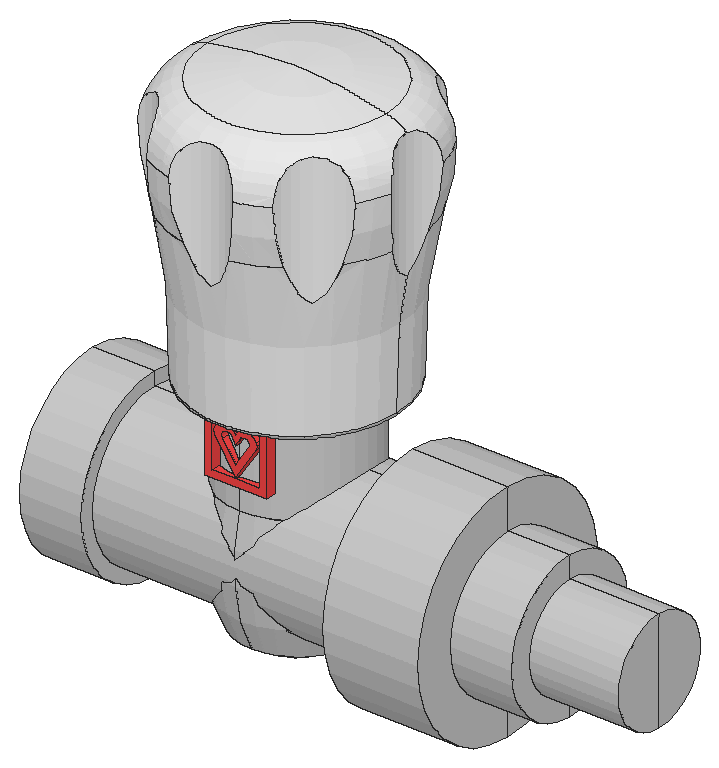
Revit family "Запорно-регулирующий радиаторный клапан GP, проходной 5523", category Rohrzubehör, Revit 2019
Family settings
  Bemaßung runder Anschluss = Durchmesser verwenden
  Teiletyp = Unterbricht
  OmniClass-Nummer = 23.65.55.14
  OmniClass-Titel = Valves for Liquid Services
  Arbeitsebenenbasiert = Nein
  Immer vertikal = Ja
  Beim Laden mit Abzugskörper schneiden = Nein
  Gemeinsam genutzt = Nein
Parameters
  Среда = "Качество воды в соответствии с ÖNORM H 5195 или директивой VDI 2035."
  Область применения = "Системы водяного отопления, в которых требуется точное ручное гидравлическое регулирование подачи воды к отопительным приборам. Рекомендуется также для монтажа в системах холодоснабжения, для точного ручного регулирования регистров охлаждения."
  Номер заказа [instance] = size_lookup("5523_", "Artnr", 0, Nennweite)  # 1552321
  Маховик = "Пластик, белый"  # constant formula
  Макс. рабочее давление = 1000000.0 Pa  # constant formula
  Макс. рабочая температура = 120 °C  # constant formula
  Корпус = "Никелированная латунь"  # constant formula
  Исполнение = "Универсальные модели со специальной муфтой для резьбовой трубы и компрессионных фитингов, никелированные."
  W01 = 60.00°  # constant formula
  URL = "www.herz-armaturen.ru"
  SCRNSEQ = "ARM;ARM_TYP=\"ALLF\";2"
  SCRNCODE = "05;00;02"  # constant formula
  S04 = 45.000 mm  # constant formula
  S03 = 61.000 mm  # constant formula
  S02 [instance] = L05 + L06 + L07  # 53.300 mm
  S01 = 10.000 mm  # constant formula
  R05 = 25.000 mm  # constant formula
  R04 = 2.000 mm  # constant formula
  R03 = 28.000 mm  # constant formula
  R02 = 11.500 mm  # constant formula
  R01 = 10.500 mm  # constant formula
  Nennweite [instance] = 15.000 mm
  LO1 = 10.500 mm  # constant formula
  L07 [instance] = size_lookup("5523_", "L7", 1.000 mm, Nennweite)  # 22.300 mm
  L06 [instance] = size_lookup("5523_", "L6", 1.000 mm, Nennweite)  # 14.000 mm
  L05 [instance] = L02 - L04  # 17.000 mm
  L04 [instance] = size_lookup("5523_", "L4", 1.000 mm, Nennweite)  # 8.000 mm
  L03 [instance] = size_lookup("5523_", "L3", 1.000 mm, Nennweite)  # 9.000 mm
  L02 [instance] = size_lookup("5523_", "L2", 1.000 mm, Nennweite)  # 25.000 mm
  L01 [instance] = size_lookup("5523_", "L1", 1.000 mm, Nennweite)  # 30.000 mm
  Hersteller = "HERZ Armaturen Ges.m.b.H."  # constant formula
  H02 = 25.500 mm  # constant formula
  H01 = 17.000 mm  # constant formula
  GTI [instance] = size_lookup("5523_", "GT1", 1.000 mm, Nennweite)  # 13.200 mm
  GT [instance] = size_lookup("5523_", "GT", 1.000 mm, Nennweite)  # 9.500 mm
  G2 [instance] = Nennweite / 2  # 7.500 mm
  G1 [instance] = Nennweite / 2  # 7.500 mm
  D05 [instance] = size_lookup("5523_", "D5", 1.000 mm, Nennweite)  # 10.650 mm
  D04 [instance] = size_lookup("5523_", "D4", 1.000 mm, Nennweite)  # 16.500 mm
  D03 [instance] = size_lookup("5523_", "D3", 1.000 mm, Nennweite)  # 9.525 mm
  D02 [instance] = size_lookup("5523_", "D2", 1.000 mm, Nennweite)  # 11.500 mm
  D01 [instance] = size_lookup("5523_", "D1", 1.000 mm, Nennweite)  # 13.500 mm
Reference planes
  plane 1 "Mitte (Vorne/hinten)": y = 0
  plane 2: z = 0
  plane 3 "Mitte (Links/rechts)": x = 0
Forms (mm)
  Revolve 1, solid, material "Messing, weicher Gelbton, geschweißt", detail levels fine
    sketch origin (0, 0, 0) x (1, 0, 0) y (0, 0, 1)
      loop
        line (-20.5, 0) -> (25, 0) -> (25, 9.525) -> (17, 9.525) -> (17, 11.5) -> (-21, 11.5) -> (-21, 13.5) -> (-30, 13.5) -> (-30, 7.5) -> (-20.5, 7.5) -> (-20.5, 0)
      axis (-30, 0) -> (25, 0)
    angle from 0 to 360
  Revolve 2, solid, material "Messing, weicher Gelbton, geschweißt", detail levels fine
    sketch origin (0, 0, 0) x (0, 1, 0) y (0, 0, 1)
      loop
        line (0, 25.5) -> (-10.5, 25.5) -> (-10.5, 7)
        arc (-10.5, 7) -> (-11.341, -2.816) -> (-8.325, -12.194) r 25
        line (-8.325, -12.194) -> (0, -17) -> (0, 25.5)
      axis (0, -17) -> (0, 25.5)
    angle from 0 to 360
  Revolve 3, solid, material "Messing, weicher Gelbton, geschweißt", detail levels fine
    sketch origin (0, 0, 0) x (1, 0, 0) y (0, 0, 1)
      loop
        line (25, 0) -> (53.3, 0) -> (53.3, 7.5) -> (40.1, 7.5) -> (40.1, 10.65) -> (31, 10.65) -> (31, 16.5) -> (17, 16.5) -> (17, 9.525) -> (25, 9.525) -> (25, 0)
      axis (17, 0) -> (53.3, 0)
    angle from 0 to 360
Lines and regions (mm)
  model lines, detail levels coarse+medium
    curve 1: line (-30, 0, 13.5) -> (-30, 0, -13.5)
    curve 2: line (-30, 0, -13.5) -> (30, 0, 13.5)
    curve 3: line (30, 0, 13.5) -> (30, 0, -13.5)
    curve 4: line (30, 0, -13.5) -> (-30, 0, 13.5)
    curve 5: line (30, 0, 13.5) -> (40, 0, 13.5)
    curve 6: line (40, 0, 13.5) -> (30, 0, 0)
    curve 7: line (30, 0, -13.5) -> (40, 0, -13.5)
    curve 8: line (40, 0, -13.5) -> (30, 0, 0)
    curve 9: line (30, 0, 0) -> (53.3, 0, 0)
    curve 10: line (0, 0, 0) -> (0, 0, 61)
    curve 11: line (-22.5, 0, 61) -> (22.5, 0, 61)
    curve 12: line (-30, 13.5, 0) -> (-30, -13.5, 0)
    curve 13: line (-30, -13.5, 0) -> (30, 13.5, 0)
    curve 14: line (30, 13.5, 0) -> (30, -13.5, 0)
    curve 15: line (30, -13.5, 0) -> (-30, 13.5, 0)
    curve 16: line (0, 0, 0) -> (0, 61, 0)
    curve 17: line (-22.5, 61, 0) -> (22.5, 61, 0)
    curve 18: line (30, 13.5, 0) -> (40, 13.5, 0)
    curve 19: line (40, 13.5, 0) -> (30, 0, 0)
    curve 20: line (30, -13.5, 0) -> (40, -13.5, 0)
    curve 21: line (40, -13.5, 0) -> (30, 0, 0)
Dimensions and locks
  "L01": Revolve 1 sketch curve to plane 3 "Mitte (Links/rechts)"
  "L02": Revolve 1 sketch curve to plane 3 "Mitte (Links/rechts)"
  "G1": Revolve 1 sketch curve to plane 2
  "GT": Revolve 1 sketch curve to Revolve 1 sketch curve
  "D01": Revolve 1 sketch curve to Revolve 1 sketch curve
  "D02": Revolve 1 sketch curve to Revolve 1 sketch curve
  "D03": Revolve 1 sketch curve to Revolve 1 sketch curve
  "L03": Revolve 1 sketch curve to Revolve 1 sketch curve
  "L04": Revolve 1 sketch curve to Revolve 1 sketch curve
  "H01": plane 2 to Revolve 2 sketch curve
  "H02": Revolve 2 sketch curve to plane 2
  "R01": Revolve 2 sketch curve to plane 1 "Mitte (Vorne/hinten)"
  "R02": Revolve 2 sketch curve to plane 1 "Mitte (Vorne/hinten)"
  "D03": Revolve 3 sketch curve to plane 2
  "L04": Revolve 3 sketch curve to Revolve 3 sketch curve
  "L05": Revolve 3 sketch curve to plane 3 "Mitte (Links/rechts)"
  "L06": Revolve 3 sketch curve to Revolve 3 sketch curve
  "L07": Revolve 3 sketch curve to Revolve 3 sketch curve
  "D04": Revolve 3 sketch curve to Revolve 3 sketch curve
  "G2": Revolve 3 sketch curve to Revolve 3 sketch curve
  "D05": Revolve 3 sketch curve to Revolve 3 sketch curve
  "GTI": Revolve 3 sketch curve to Revolve 3 sketch curve
  "LO1": nested 2 to plane 2
  "LO1": nested 1 to nested 2
  "D01": curve 4 to plane 2 to curve 2
  "D01": curve 3 to plane 2 to curve 4
  "L01": curve 1 to plane 3 "Mitte (Links/rechts)" to curve 3
  "S01": curve 3 to curve 6
  "S02": curve 9 to plane 3 "Mitte (Links/rechts)"
  "S03": curve 10 to plane 2
  equal spacing: curve 11, curve 10, curve 11
  "S04": curve 11 to curve 11
  "L01": curve 12 to plane 3 "Mitte (Links/rechts)" to curve 14
  "D01": curve 13 to plane 1 "Mitte (Vorne/hinten)" to curve 15
  "D01": curve 15 to plane 1 "Mitte (Vorne/hinten)" to curve 14
  "S03": plane 1 "Mitte (Vorne/hinten)" to curve 16
  equal spacing: curve 17, plane 3 "Mitte (Links/rechts)", curve 17
  "S04": curve 17 to curve 17
  "S01": curve 14 to curve 19
  "S01": curve 14 to curve 21
  "R05": radius of Revolve 2 sketch curve
  "W01": angle Revolve 2 sketch curve to Revolve 2 sketch curve
  aligned and locked: level to plane 2
Automatic sketch dimensions
  curve 10 to level = 0.000 mm
  curve 9 to level = 0.000 mm
  curve 3 to curve 7 = 10.000 mm
  curve 16 to plane 3 "Mitte (Links/rechts)" = 0.000 mm
  plane 1 "Mitte (Vorne/hinten)" to curve 19 = 0.000 mm
  Revolve 1 sketch curve to level = 0.000 mm  (x2)
  Revolve 1 sketch curve to Revolve 1 sketch curve = 1436.530 mm
  Revolve 1 sketch curve to Revolve 1 sketch curve = 1779.148 mm
  Revolve 2 sketch curve to plane 1 "Mitte (Vorne/hinten)" = 0.000 mm  (x2)
  Revolve 2 sketch curve to level = 0.000 mm
  Revolve 2 sketch curve to Revolve 2 sketch curve = 98.333 mm
  Revolve 2 sketch curve to Revolve 2 sketch curve = 1236.335 mm
  Revolve 3 sketch curve to level = 0.000 mm  (x2)
  Revolve 3 sketch curve to plane 3 "Mitte (Links/rechts)" = 1506.530 mm
  Revolve 3 sketch curve to Revolve 3 sketch curve = 1789.648 mm
Nested families
  nested 1: "Handrad-Heizkörperventile" at (0, 0, 20), type "Handrad-Heizkörperventile", detail levels fine
  nested 2: "Herz-Logo-vorne" at (0, -10.5, 15) x (0, 1, 0) z (0, 0, 1), type "Herz-Logo-vorne", detail levels fine
Connectors
  piping at (-20.5, 0, 0), diameter 15, driven by "Nennweite"
    settings: on Revolve 1, index 1, connector inside diameter 609.6 mm, connector length 0.000 mm, flow factor 0, pipe flow 0.0 L/s, pressure drop 0.0 Pa, fitting loss kfactor 0, connector angle 0.00°, fixture units 0, engagement length 0.000 mm, angle of deflection 0.00°, flow configuration 0, flow direction 1, fitting loss method 0, system type 7, joint type 0, gender type 0, connector reference index -1, connector utility 0, adjustable connector no, is connector primary yes, connector description ""
  piping at (53.3, 0, 0), diameter 15, driven by "Nennweite"
    settings: on Revolve 3, index 2, connector inside diameter 609.6 mm, connector length 0.000 mm, flow factor 0, pipe flow 0.0 L/s, pressure drop 0.0 Pa, fitting loss kfactor 0, connector angle 0.00°, fixture units 0, engagement length 0.000 mm, angle of deflection 0.00°, flow configuration 0, flow direction 2, fitting loss method 0, system type 7, joint type 0, gender type 0, connector reference index -1, connector utility 0, adjustable connector no, is connector primary no, connector description ""
Definition of nested family "Handrad-Heizkörperventile"
  Parameters (values of type "Handrad-Heizkörperventile")
    T01 = 5.500 mm  # constant formula
    R01 = 10.500 mm  # constant formula
  Reference planes
    plane 1 "Mitte (Vorne/hinten)": y = 0
    plane 2: z = 0
    plane 3 "Mitte (Links/rechts)": x = 0
  Forms (mm)
    Revolve 1, solid, detail levels fine
      sketch origin (0, 0, 0) x (1, 0, 0) y (0, 0, 1)
        loop
          line (10.5, 0) -> (14.25, 0)
          arc (14.25, 0) -> (14.604, 0.146) -> (14.75, 0.5) r 0.5
          arc (14.75, 0.5) -> (15.098, 12.356) -> (17.195, 24.03) r 80
          arc (17.195, 24.03) -> (18.172, 28.281) -> (18.5, 32.63) r 29
          arc (18.5, 32.63) -> (17.011, 36.946) -> (13.177, 39.426) r 7
          arc (13.177, 39.426) -> (6.637, 40.626) -> (0, 41.028) r 55
          line (0, 41.028) -> (0, 5.5) -> (10.5, 5.5) -> (10.5, 0)
        axis (0, 41.028) -> (0, 0)
      angle from 0 to 360
    Extrusion 2, void
      sketch origin (0, 0, 0) x (1, 0, 0) y (0, 1, 0)
        loop
          arc (-16.011, 9.268) -> (-11.314, 11.314) -> (-9.268, 16.011) r 7
          arc (-9.268, 16.011) -> (-13.081, 13.081) -> (-16.011, 9.268) r 18.5
        loop
          arc (16.011, 9.268) -> (13.081, 13.081) -> (9.268, 16.011) r 18.5
          arc (9.268, 16.011) -> (11.314, 11.314) -> (16.011, 9.268) r 7
        loop
          arc (-16.011, -9.268) -> (-13.081, -13.081) -> (-9.268, -16.011) r 18.5
          arc (-9.268, -16.011) -> (-11.314, -11.314) -> (-16.011, -9.268) r 7
        loop
          arc (16.011, -9.268) -> (11.314, -11.314) -> (9.268, -16.011) r 7
          arc (9.268, -16.011) -> (13.081, -13.081) -> (16.011, -9.268) r 18.5
        loop
          arc (17.953, 4.58) -> (16.078, -0.188) -> (17.953, -4.956) r 7
          arc (17.953, -4.956) -> (18.578, -0.188) -> (17.953, 4.58) r 18.5
        loop
          arc (-17.953, 4.58) -> (-18.578, -0.188) -> (-17.953, -4.956) r 18.5
          arc (-17.953, -4.956) -> (-16.078, -0.188) -> (-17.953, 4.58) r 7
        loop
          arc (-4.58, 17.953) -> (0.188, 16.078) -> (4.956, 17.953) r 7
          arc (4.956, 17.953) -> (0.188, 18.578) -> (-4.58, 17.953) r 18.5
        loop
          arc (-4.58, -17.953) -> (0.188, -18.578) -> (4.956, -17.953) r 18.5
          arc (4.956, -17.953) -> (0.188, -16.078) -> (-4.58, -17.953) r 7
      from 15.609 to 43.011
  Cuts and joins
    Extrusion 2 cuts Revolve 1
  Dimensions and locks
    "R01": Revolve 1 sketch curve to Revolve 1 sketch curve
    Revolve 1 sketch curve to plane 3 "Mitte (Links/rechts)" = 14.750 mm
    "T01": Revolve 1 sketch curve to Revolve 1 sketch curve
    aligned and locked: level to plane 2
  Automatic sketch dimensions
    Extrusion 2 sketch curve to Extrusion 2 sketch curve = 0.000 mm  (x14)
    plane 1 "Mitte (Vorne/hinten)" to Extrusion 2 sketch curve = 0.000 mm
    Extrusion 2 sketch curve to plane 3 "Mitte (Links/rechts)" = 0.000 mm
    Extrusion 2 sketch curve to plane 3 "Mitte (Links/rechts)" = 0.078 mm
    Extrusion 2 sketch curve to plane 3 "Mitte (Links/rechts)" = 16.263 mm  (x2)
    plane 1 "Mitte (Vorne/hinten)" to Extrusion 2 sketch curve = 0.188 mm  (x2)
    Extrusion 2 sketch curve to Extrusion 2 sketch curve = 6.815 mm  (x4)
    plane 3 "Mitte (Links/rechts)" to Extrusion 2 sketch curve = 0.078 mm
    plane 3 "Mitte (Links/rechts)" to Extrusion 2 sketch curve = 0.188 mm  (x2)
    plane 1 "Mitte (Vorne/hinten)" to Extrusion 2 sketch curve = 0.078 mm
    Extrusion 2 sketch curve to Extrusion 2 sketch curve = 0.110 mm  (x2)
    Extrusion 2 sketch curve to plane 1 "Mitte (Vorne/hinten)" = 0.078 mm
    plane 3 "Mitte (Links/rechts)" to Extrusion 2 sketch curve = 16.263 mm  (x2)
    plane 1 "Mitte (Vorne/hinten)" to Extrusion 2 sketch curve = 16.263 mm  (x2)
    Extrusion 2 sketch curve to plane 1 "Mitte (Vorne/hinten)" = 16.263 mm  (x2)
    Extrusion 2 sketch curve to plane 3 "Mitte (Links/rechts)" = 4.580 mm  (x2)
    Extrusion 2 sketch curve to Extrusion 2 sketch curve = 4.688 mm  (x2)
    Extrusion 2 sketch curve to Extrusion 2 sketch curve = 0.252 mm  (x4)
    Extrusion 2 sketch curve to Extrusion 2 sketch curve = 1.942 mm  (x4)
    Extrusion 2 sketch curve to Extrusion 2 sketch curve = 4.312 mm  (x4)
    Revolve 1 sketch curve to plane 3 "Mitte (Links/rechts)" = 0.000 mm  (x2)
    Revolve 1 sketch curve to level = 0.000 mm
    Revolve 1 sketch curve to plane 3 "Mitte (Links/rechts)" = 10.500 mm
    plane 3 "Mitte (Links/rechts)" to Revolve 1 sketch curve = 11.500 mm
    Revolve 1 sketch curve to Revolve 1 sketch curve = 0.500 mm
    level to Revolve 1 sketch curve = 4.086 mm
    Revolve 1 sketch curve to Revolve 1 sketch curve = 79.920 mm
    Revolve 1 sketch curve to level = 13.972 mm
    Revolve 1 sketch curve to Revolve 1 sketch curve = 27.130 mm
    Revolve 1 sketch curve to Revolve 1 sketch curve = 8.398 mm
    Revolve 1 sketch curve to Revolve 1 sketch curve = 0.000 mm
    Revolve 1 sketch curve to Revolve 1 sketch curve = 1.305 mm
    Revolve 1 sketch curve to Revolve 1 sketch curve = 352.073 mm
    Revolve 1 sketch curve to Revolve 1 sketch curve = 2173.287 mm
Definition of nested family "Herz-Logo-vorne"
  Reference planes
    plane 1 "Mitte (Vorne/hinten)": y = 0
    plane 2: z = 0
    plane 3 "Mitte (Links/rechts)": x = 0
  Forms (mm)
    Extrusion 1, solid
      sketch origin (0.732, -0.018, 0.017) x (0, -1, 0) y (0, 0, 1)
        loop
          line (-0.018, -4.517) -> (4.482, -4.517) -> (4.482, 4.483) -> (-4.518, 4.483) -> (-4.518, -4.517) -> (-0.018, -4.517)
        loop
          line (-0.05, -3.48) -> (3.482, -3.48) -> (3.482, 3.483) -> (-3.518, 3.483) -> (-3.518, -3.48) -> (-0.05, -3.48)
        loop
          arc (-0.018, 2.383) -> (-1.543, 3.287) -> (-3.067, 2.383) r 1.738
          arc (-3.067, 2.383) -> (-3.191, 1.899) -> (-3.067, 1.415) r 1.009
          line (-3.067, 1.415) -> (-0.018, -3.281) -> (3.032, 1.415)
          arc (3.032, 1.415) -> (3.156, 1.899) -> (3.032, 2.383) r 1.009
          arc (3.032, 2.383) -> (1.507, 3.287) -> (-0.018, 2.383) r 1.738
        loop
          arc (1.885, 1.272) -> (2.005, 1.675) -> (1.885, 2.079) r 0.74
          arc (1.885, 2.079) -> (1.265, 2.416) -> (0.644, 2.079) r 0.74
          line (0.644, 2.079) -> (-0.018, 0.97) -> (-0.679, 2.079)
          arc (-0.679, 2.079) -> (-1.3, 2.416) -> (-1.921, 2.079) r 0.74
          arc (-1.921, 2.079) -> (-2.04, 1.675) -> (-1.921, 1.272) r 0.74
          line (-1.921, 1.272) -> (-0.018, -1.658) -> (1.885, 1.272)
      from 0 to 1.5
  Dimensions and locks
    aligned and locked: level to plane 2
